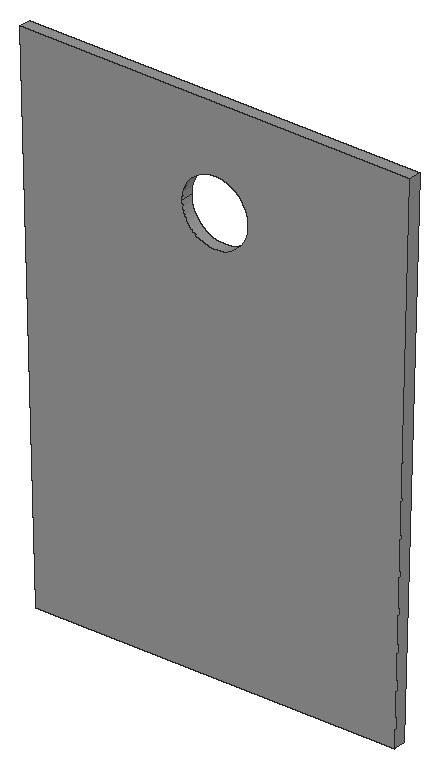
Revit family "ABR9020S", category Structural Connections, Revit 2016
Family settings
  Material for Model Behavior = Steel
  OmniClass Number = 23.20.40.11.24.14
  OmniClass Title = Wood Connectors
  Work Plane-Based = Yes
  Enable cutting in views = No
  Always vertical = No
  Cut with Voids When Loaded = No
  Shared = No
Parameters
  UniClass Title = "Bracketed angle supports"  # constant formula
  UniClass Number = "Pr_20_85_09_09"  # constant formula
  URL = "www.strongtie.eu"
  Technical datasheet = "https://www.strongtie.eu/eu-EU/technical-data-sheets"
  Reference = "ABR9020S"  # constant formula
  Provide Feedback = "mailto:EUdrawings@strongtie.com"
  Product Type = "Angle brackets"  # constant formula
  Product Material = Stainless steel A4
  ObjectType = Model  # "ABR9020S"
  Name = Model  # "ABR9020S"
  Model ID = "0142615976991687150284827248090823537481"  # constant formula
  Model Disclaimer = "Contact Simpson Strong-Tie Company  for more information"  # constant formula
  Model = "ABR9020S"  # constant formula
  Manufacturer = "Simpson Strong-Tie"  # constant formula
  ETA / DoP = "https://www.strongtie.eu/eu-EU/cemarking"
  EPD = "https://www.strongtie.eu/eu-EU/EPD"
  Description = Product Type  # "Angle brackets"
  Density = 0.168 kg  # constant formula
  Default Elevation = 0 mm
  Copyright = "©Simpson Strong-Tie"  # constant formula
Reference planes
  plane 1 "Center (Front/Back)": y = 0
  plane 2: z = 0
  plane 3 "Center (Left/Right)": x = 0
Forms (mm)
  Extrusion 1, solid, material "Stainless steel A4" <- "Product Material", detail levels medium+fine
    sketch origin (0, 0, 0) x (1, 0, 0) y (0, 0, 1)
      loop
        line (32.55, 88) -> (-32.55, 88)
        arc (-32.55, 88) -> (-31.759, 44.984) -> (-29.94, 2) r 1799.621
        line (-29.94, 2) -> (29.94, 2)
        arc (29.94, 2) -> (31.759, 44.984) -> (32.55, 88) r 1799.621
      loop
        circle (0, 71.493) r 5.536
    from 0 to 2
Dimensions and locks
  aligned and locked: level to plane 2
